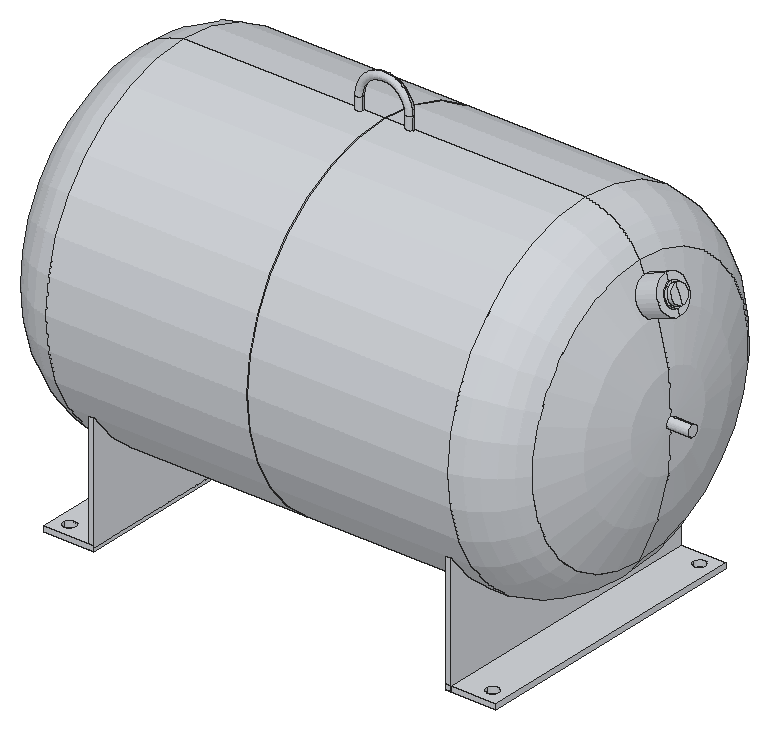
Revit family
Parameters (values of type "AX-120 125# W.P. with Saddles")
  Weight = "204 lbs"
  Tank Volume = "55.7 Gal"
  Tank Radius = Tank Diameter / 2  # 12.000"
  Tank Length = 39.875"
  Tank Diameter = 24.000"
  Pipe Connector Diameter = Pipe Connection Radius * 2  # 1.000"
  Pipe Connection Radius = 0.500"
  Off Ref Plane = 2.750"
  Model = "AX-120"
  Maximum Acceptance Volume = "29.0 Gal"
  Max Operating Temp = "240 DEG F"
  Max Operating Pressure = "125 PSI"
  Manufacturer = "Amtrol"
  CL to Saddle = 12.250"
  Bladder/Diaphragm = "Diaphragm"
  ASME = no
  1/2 Tank Length = Tank Length / 2  # 19.9375"
Types (10): name | Weight | Tank Volume | Tank Length | Model | Maximum Acceptance Volume | Max Operating Pressure | CL to Saddle | 1/2 Tank Length
  (no name) | "204 lbs" | "55.7 Gal" | 39.875" | "AX-120" | "29.0 Gal" | "125 PSI" | 12.250" | 19.9375"
  AX-120 125# W.P. with Saddles | "204 lbs" | "55.7 Gal" | 39.875" | "AX-120" | "29.0 Gal" | "125 PSI" | 12.250" | 19.9375"
  AX-120 150# W.P. 10 BAR with Saddles | "255 lbs" | "55.7 Gal" | 39.875" | "AX-120" | "29.0 Gal" | "150 PSI" | 12.250" | 19.9375"
  AX-144 125# W.P. with Saddles | "218 lbs" | "77 Gal" | 44.750" | "AX-144" | "34 Gal" | "125 PSI" | 14.690" | 22.375"
  AX-144 150# W.P. 10 BAR with Saddles | "254 lbs" | "77 Gal" | 44.750" | "AX-144" | "34 Gal" | "150 PSI" | 14.690" | 22.375"
  AX-180 125# W.P. with Saddles | "232 lbs" | "92 Gal" | 52.125" | "AX-180" | "34 Gal" | "125 PSI" | 17.500" | 26.0625"
  AX-180 150# W.P. 10 BAR with Saddles | "275 lbs" | "92 Gal" | 51.500" | "AX-180" | "34 Gal" | "150 PSI" | 17.500" | 25.750"
  AX-200 125# W.P. with Saddles | "269 lbs" | "110 Gal" | 65.625" | "AX-200" | "34 Gal" | "125 PSI" | 22.750" | 32.8125"
  AX-200 150# W.P. 10 BAR with Saddles | "269 lbs" | "110 Gal" | 65.625" | "AX-200" | "34 Gal" | "150 PSI" | 22.750" | 32.8125"
  AX-200 175# W.P. with Saddles | "357.5 lbs" | "110 Gal" | 65.625" | "AX-200" | "34 Gal" | "175 PSI" | 22.750" | 32.8125"
Reference planes (in)
  plane 1 "Center (Front/Back)": y = 0
  plane 2: z = 0
  plane 3 "Center (Left/Right)": x = 0
  plane 4: z = 2.75
Forms (in)
  Revolve 1, solid
    sketch origin (1.01596, 0, 6.86211) x (1, 0, 0) y (0, 0, 1)
      loop
        line (17.47, 15.29207) -> (17.95407, 14.09398) -> (19.57664, 14.74954) -> (19.38933, 15.21313) -> (19.51478, 15.26381) -> (19.46636, 15.38366) -> (19.78936, 15.51416) -> (19.54102, 16.12882) -> (17.47, 15.29207)
      axis (17.47, 15.29207) -> (19.54102, 16.12882)
    angle from 0 to 360
  Revolve 2, solid
    sketch origin (0, 0, 0) x (1, 0, 0) y (0, 0, 1)
      loop
        line (-19.93341, 14.75007) -> (0.00409, 14.75007) -> (0.00409, 26.75007) -> (-14.01671, 26.75007)
        arc (-14.01671, 26.75007) -> (-16.19824, 25.86858) -> (-17.80032, 24.14538) r 5.41757
        arc (-17.80032, 24.14538) -> (-19.49369, 19.59004) -> (-19.93341, 14.75007) r 18.37229
      axis (0.00409, 14.75007) -> (-19.93341, 14.75007)
    angle from 0 to 360
  Revolve 3, solid
    sketch origin (0, 0, 0) x (-1, 0, 0) y (0, 0, 1)
      loop
        line (-19.9375, 14.75007) -> (0, 14.75007) -> (0, 26.75007) -> (-14.0208, 26.75007)
        arc (-14.0208, 26.75007) -> (-16.20211, 25.86894) -> (-17.80441, 24.14639) r 5.41862
        arc (-17.80441, 24.14639) -> (-19.49777, 19.59053) -> (-19.9375, 14.75007) r 18.37638
      axis (0, 14.75007) -> (-19.9375, 14.75007)
    angle from 0 to 360
  Sweep 4, solid
    path origin (0, 0, 0) x (1, 0, 0) y (0, 0, 1)
      loop
        line (19.85113, 14.75007) -> (21.47613, 14.75007)
    profile origin (20.66363, 0, 14.75007) x (0, 0, 1) y (0, -1, 0)
      loop
        circle (0, 0) r 0.375
  Sweep 5, solid
    path origin (0, 0, 0) x (1, 0, 0) y (0, 0, 1)
      loop
        line (-1.75, 26.60944) -> (-1.75, 27.60944)
        arc (-1.75, 27.60944) -> (0, 29.35944) -> (1.75, 27.60944) r 1.75
        line (1.75, 27.60944) -> (1.75, 26.60944)
    profile origin (-1.75, 0, 27.10944) x (-1, 0, 0) y (0, -1, 0)
      loop
        circle (0, 0) r 0.25
  Extrusion 6, solid
    sketch origin (0, 0, 0) x (0, 1, 0) y (0, 0, 1)
      loop
        line (-10, 8.25) -> (-10, -0.25) -> (10, -0.25) -> (10, 8.25)
        arc (10, 8.25) -> (0, 2.75) -> (-10, 8.25) r 11.84091
    from 12.25 to 12.61667
  Extrusion 7, solid
    sketch origin (0, 0, 0) x (1, 0, 0) y (0, 0, 1)
      loop
        line (12.25, -0.25) -> (15.75, -0.25) -> (15.75, 0.125) -> (12.25, 0.125) -> (12.25, -0.25)
    from -10 to 10
  Extrusion 8, solid
    sketch origin (0, 0, 0) x (0, 1, 0) y (0, 0, -1)
      loop
        line (-10, 0.25) -> (-10, -8.25)
        arc (-10, -8.25) -> (0, -2.75) -> (10, -8.25) r 11.84091
        line (10, -8.25) -> (10, 0.25) -> (-10, 0.25)
    from 12.25 to 12.61667
  Extrusion 9, solid
    sketch origin (0, 0, 0) x (-1, 0, 0) y (0, 0, -1)
      loop
        line (12.25, 0.25) -> (12.25, -0.125) -> (15.75, -0.125) -> (15.75, 0.25) -> (12.25, 0.25)
    from -10 to 10
  Extrusion 10, void
    sketch origin (0, 0, 0) x (1, 0, 0) y (0, 1, 0)
      loop
        circle (14.75, 9) r 0.4375
      loop
        circle (14.75, -9) r 0.4375
    from -1.95551 to 1.5316
  Extrusion 11, void
    sketch origin (0, 0, 0) x (1, 0, 0) y (0, 1, 0)
      loop
        circle (-14.75, 9) r 0.4375
      loop
        circle (-14.75, -9) r 0.4375
    from -1.59063 to 1.76994
Cuts and joins
  Extrusion 10 cuts Revolve 3
  Extrusion 10 cuts Extrusion 7
  Extrusion 11 cuts Revolve 2
  Extrusion 11 cuts Extrusion 9
Dimensions and locks (in)
  Revolve 1 sketch curve to Revolve 1 sketch curve = 2.23366"
  Revolve 1 sketch curve to Revolve 1 sketch curve = 1.750"
  Revolve 1 sketch curve to Revolve 1 sketch curve = 1.8853"
  locked: plane 4 to plane 2 at 2.75
  locked: Revolve 2 sketch curve to level at 14.75007
  "1/2 Tank Length": Revolve 2 sketch curve to Revolve 2 sketch curve
  "Tank Radius": Revolve 2 sketch curve to Revolve 2 sketch curve
  "1/2 Tank Length": Revolve 3 sketch curve to Revolve 3 sketch curve
  "Tank Radius": Revolve 3 sketch curve to Revolve 3 sketch curve
  Revolve 3 sketch curve to level = 14.75007"
  Revolve 3 to Sweep 4 sketch curve = 2.04672"
  Revolve 3 to Revolve 2 sketch curve = 0.00409"
  Revolve 3 sketch curve to plane 3 "Center (Left/Right)" = 0.000"
  plane 3 "Center (Left/Right)" to Revolve 3 sketch curve = 0.00409"
  Revolve 3 to Revolve 1 sketch curve = 1.16561"
  Revolve 3 to Revolve 1 sketch curve = 0.68155"
  plane 3 "Center (Left/Right)" to Sweep 5 sketch curve = 1.750"
  "CL to Saddle": Extrusion 6 to plane 3 "Center (Left/Right)"
  Extrusion 7 sketch curve to Extrusion 7 sketch curve = 0.375"
  Extrusion 7 sketch curve to Extrusion 7 sketch curve = 3.500"
  locked: Extrusion 7 to Extrusion 7 at 3.5
  Extrusion 9 sketch curve to Extrusion 9 sketch curve = 0.375"
  Extrusion 9 sketch curve to Extrusion 9 sketch curve = 3.500"
  locked: Extrusion 9 to Extrusion 9 at 3.5
  locked: Extrusion 6 sketch curve to Extrusion 6 sketch curve at 8.5  (x2)
  locked: Extrusion 6 to plane 1 "Center (Front/Back)" at 10
  locked: Extrusion 6 to Extrusion 6 at 20
  "CL to Saddle": plane 3 "Center (Left/Right)" to Extrusion 8
  locked: Extrusion 8 to Extrusion 8 at 0.36667
  locked: Extrusion 6 to Extrusion 6 at 0.36667
  locked: Extrusion 7 sketch curve to Extrusion 6 at 0
  locked: Extrusion 9 sketch curve to Extrusion 8 at 0
  Extrusion 8 sketch curve to plane 1 "Center (Front/Back)" = 10.000"
  Extrusion 8 sketch curve to Extrusion 8 sketch curve = 20.000"
  locked: Extrusion 8 sketch curve to Extrusion 8 sketch curve at 8.5
  Extrusion 8 sketch curve to Extrusion 8 sketch curve = 8.500"
  locked: Extrusion 7 to Extrusion 10 sketch curve at 1  (x2)
  locked: Extrusion 10 sketch curve to Extrusion 7 at 1  (x2)
  locked: Extrusion 9 to Extrusion 11 sketch curve at 1  (x4)
  radius of Revolve 3 sketch curve = 5.41862"
  radius of Revolve 3 sketch curve = 18.37638"
  radius of Revolve 2 sketch curve = 5.41757"
  radius of Revolve 2 sketch curve = 18.37229"
  aligned and locked: Revolve 2 sketch curve to Revolve 2 sketch curve  (x2)
  aligned and locked: Revolve 3 sketch curve to Revolve 3 sketch curve
  aligned and locked: import instance to plane 1 "Center (Front/Back)"
  aligned and locked: import instance to plane 4
  aligned and locked: Extrusion 9 to Extrusion 6
  aligned and locked: Extrusion 7 to Extrusion 6
Automatic sketch dimensions
  Revolve 1 sketch curve to Revolve 1 sketch curve = 1.21693"
  Revolve 1 sketch curve to Revolve 1 sketch curve = 1.43527"
  Revolve 1 sketch curve to Revolve 1 sketch curve = 0.07703"
  level to Revolve 1 sketch curve = 22.12593"
  Revolve 1 sketch curve to Revolve 1 sketch curve = 0.04842"
  Revolve 1 sketch curve to Revolve 1 sketch curve = 0.88438"
  Revolve 1 sketch curve to Revolve 1 sketch curve = 0.49167"
  Revolve 1 sketch curve to Revolve 1 sketch curve = 0.35731"
  Revolve 2 sketch curve to Revolve 2 sketch curve = 4.12091"
  Revolve 2 sketch curve to Revolve 2 sketch curve = 2.13309"
  Revolve 2 sketch curve to Revolve 2 sketch curve = 3.78361"
  Revolve 2 sketch curve to Revolve 2 sketch curve = 4.67407"
  Revolve 3 sketch curve to Revolve 3 sketch curve = 4.12091"
  Revolve 3 sketch curve to Revolve 3 sketch curve = 2.13309"
  Revolve 3 sketch curve to Revolve 3 sketch curve = 3.78361"
  Revolve 3 sketch curve to Revolve 3 sketch curve = 0.89046"
  Sweep 4 sketch curve to Sweep 4 sketch curve = 1.625"
  plane 4 to Sweep 4 sketch curve = 12.00007"
  Sweep 4 sketch curve to plane 1 "Center (Front/Back)" = 0.000"
  profile plane to Sweep 4 sketch curve = 0.000"
  Sweep 5 sketch curve to plane 3 "Center (Left/Right)" = 0.000"
  plane 4 to Sweep 5 sketch curve = 23.85944"
  Sweep 5 sketch curve to Sweep 5 sketch curve = 0.000"
  Sweep 5 sketch curve to Sweep 5 sketch curve = 1.000"
  plane 1 "Center (Front/Back)" to Sweep 5 sketch curve = 0.000"
  Sweep 5 sketch curve to profile plane = 0.000"
  Extrusion 6 sketch curve to plane 1 "Center (Front/Back)" = 0.000"
  plane 1 "Center (Front/Back)" to Extrusion 6 sketch curve = 10.000"
  Extrusion 6 sketch curve to level = 0.250"
  Extrusion 6 sketch curve to Extrusion 6 sketch curve = 6.34091"
  Extrusion 7 sketch curve to level = 0.250"
  level to Extrusion 9 sketch curve = 0.250"
  Extrusion 8 sketch curve to level = 0.250"
  Extrusion 8 sketch curve to Extrusion 8 sketch curve = 6.34091"
  radius of Sweep 4 sketch curve = 0.375"
  radius of Sweep 5 sketch curve = 0.250"
  radius of Extrusion 10 sketch curve = 0.4375"  (x2)
  radius of Extrusion 11 sketch curve = 0.4375"  (x2)
Connectors (in)
  piping at (21.47613, 0, 14.75007), driven by "Pipe Connection Radius"
    settings: on Sweep 4, index 1
